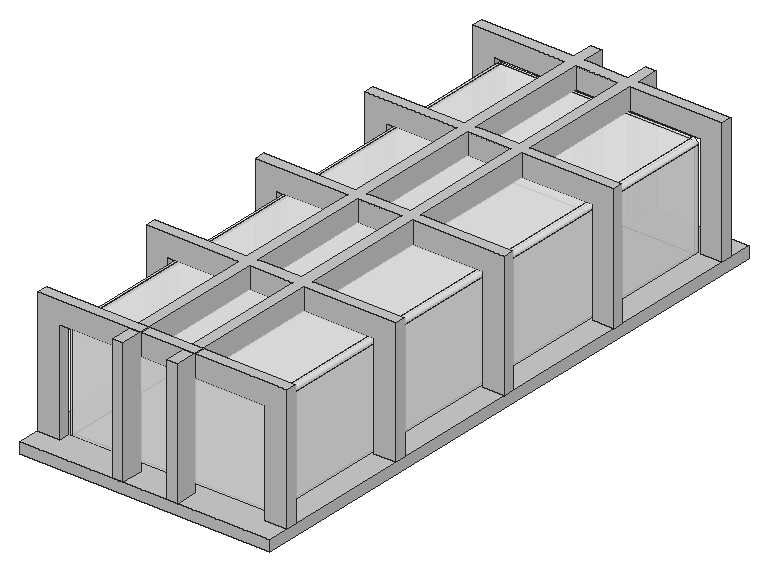
Revit family "2-711-224 Telshor", category Lighting Fixtures, Revit 2014
Parameters
  Wattage = 9.2903 W
  built-in parameter 1150110 = 1 (stored number, unit not read)
  URL = "http://www.oxygenlighting.com"
  Type Comments = "Lighting - Fluorescent"
  built-in parameter 1114217 = 1 (stored number, unit not read)
  Tilt Angle = 60.00°
  built-in parameter 1150109 = 1 (stored number, unit not read)
  built-in parameter 1150134 = 3
  built-in parameter 1150113 = 1 (stored number, unit not read)
  Product Documentation Linkk = "http://oxygenlighting.com.s3.amazonaws.com/downloads/cutsheets/2-710-xxx.pdf"
  Photometric Web File = "generic"
  built-in parameter 1150142 = (empty or 0)
  Model = "2-711-224"
  Metal Finsih = Satin Finish
  Manufacturer = "Oxygen Lighting"
  built-in parameter 1150105 = 109.82 (stored number, unit not read)
  Lumens = 1380 lm
  built-in parameter 1150115 = 1 (stored number, unit not read)
  built-in parameter 1150137 = (empty or 0)
  built-in parameter 1150139 = (empty or 0)
  built-in parameter 1150112 = 1 (stored number, unit not read)
  Lamp Manufacturer = "Sylvania"
  built-in parameter 1150114 = 1 (stored number, unit not read)
  Lamp = "2x26W Double Twin Tube Compact Fluorescent"
  Junction Box = "4\" Octagonal"
  Input Voltage (Volts AC) = "120"
  Input Power Factor (%) = ""
  Input Power (Watts) = "52"
  Input Current (Amps AC) = ""
  built-in parameter 1150132 = (empty or 0)
  built-in parameter 1150102 = (empty or 0)
  built-in parameter 1150107 = 3200 (stored number, unit not read)
  built-in parameter 1150138 = (empty or 0)
  built-in parameter 1150106 = 1.0982 (stored number, unit not read)
  Fixture Width = 0' - 9.00319"
  Fixture Height = 1' - 9.62502"
  Emit from Rectangle Width = 2' - 0"
  Emit from Rectangle Length = 4' - 0"
  Emit Shape Visible in Rendering = no
  Efficacy (lm/W) = ""
  built-in parameter 1150104 = 13.8 (stored number, unit not read)
  Driver Manufacturer = "Fulham"
  Dimming Lamp Color Temperature Shift = <None>
  Diffuser = Matte White Accrylic
  Description = "21.75\" Comtemporary Wall Sconce"
  Default Elevation = 4' - 0"
  Color Filter = 16777215
  built-in parameter 1114218 = 1 (stored number, unit not read)
  built-in parameter 1150133 = 10 (stored number, unit not read)
  Apparent Load = 52 VA
  ADA Compliant = yes
Reference planes (in)
  plane 1 "Light Source Axis (F/B)": y = 0
  plane 2: z = 0
  plane 3 "Light Source Axis (L/R)": x = 0
  plane 4 "Light Source Elevation": z = 3.75
  plane 5: z = 3.75
  plane 6: z = 4.89862
  plane 7: x = -4.5016
  plane 8: x = 4.5016
  plane 9: y = 10.81251
  plane 10: y = -10.81251
Forms (in)
  Extrusion 1, solid, material "Satin Finish" <- "Metal Finsih", not visible
    sketch origin (0, 0, 0) x (0, 1, 0) y (0, 0, 1)
      loop
        line (-8.47884, 1.71875) -> (-8.47884, 0.34375) -> (-7.10384, 0.34375) -> (-7.10384, 1.09375) -> (-8.21875, 1.09375) -> (-8.21875, 1.21875) -> (-7.10384, 1.21875) -> (-7.10384, 1.71875) -> (-8.47884, 1.71875)
    from -0.6875 to 0.6875
  Extrusion 2, solid, material "Satin Finish" <- "Metal Finsih", not visible
    sketch origin (0, 0, 0) x (1, 0, 0) y (0, 1, 0)
      loop
        line (-6.8125, 4.40625) -> (-6.8125, -8.21875) -> (-0.12438, -8.21875) -> (6.8125, -8.21875) -> (6.8125, 4.40625) -> (4.8125, 4.40625) -> (4.8125, -6.34375) -> (-4.8125, -6.34375) -> (-4.8125, 4.40625) -> (-6.8125, 4.40625)
    from 1.125 to 1.1875
  Extrusion 3, solid, material "Matte White Accrylic" <- "Diffuser", not visible
    sketch origin (0, 0, 0) x (1, 0, 0) y (0, 0, 1)
      loop
        line (4.8125, 0) -> (4.9375, 0) -> (4.9375, 3.75) -> (-4.9375, 3.75) -> (-4.9375, 0) -> (-4.8125, 0) -> (-4.8125, 3.625) -> (4.8125, 3.625) -> (4.8125, 0)
    from -6.40625 to 6.34375
  Extrusion 4, solid, not visible
    sketch origin (0, 0, 0) x (1, 0, 0) y (0, 0, 1)
      loop
        line (4.3125, 0.0625) -> (4.3125, 3.0625) -> (-4.3125, 3.0625) -> (-4.3125, 0.0625) -> (4.3125, 0.0625)
      loop
        line (3.9375, 2.6875) -> (-3.9375, 2.6875) -> (-3.9375, 2.5) -> (3.9375, 2.5) -> (3.9375, 2.6875)
      loop
        line (3.9375, 2) -> (-3.9375, 2) -> (-3.9375, 1.8125) -> (3.9375, 1.8125) -> (3.9375, 2)
      loop
        line (3.9375, 1.3125) -> (-3.9375, 1.3125) -> (-3.9375, 1.125) -> (3.9375, 1.125) -> (3.9375, 1.3125)
      loop
        line (3.9375, 0.625) -> (-3.9375, 0.625) -> (-3.9375, 0.4375) -> (3.9375, 0.4375) -> (3.9375, 0.625)
    from -5.59375 to -5.46875
  Extrusion 5, solid, material "Satin Finish" <- "Metal Finsih", not visible
    sketch origin (0, 0, 0) x (0, 1, 0) y (0, 0, 1)
      loop
        line (3.53125, 1.125) -> (2.6612, 1.125) -> (2.6612, 0) -> (3.53125, 0) -> (3.53125, 1.125)
      loop
        line (-4.34375, 1.125) -> (-5.23315, 1.125) -> (-5.23315, 0) -> (-4.34375, 0) -> (-4.34375, 1.125)
    from 4.9375 to 5
  Extrusion 6, solid, material "Satin Finish" <- "Metal Finsih", not visible
    sketch origin (0, 0, 0) x (0, 1, 0) y (0, 0, 1)
      loop
        circle (3.09375, 0.34386) r 0.11795
      loop
        circle (-4.78125, 0.34386) r 0.11795
    from 5 to 5.27859
  Extrusion 7, solid, material "Satin Finish" <- "Metal Finsih", not visible
    sketch origin (0, 0, 0) x (0, 1, 0) y (0, 0, -1)
      loop
        line (3.53125, -1.125) -> (3.53125, 0) -> (2.6612, 0) -> (2.6612, -1.125) -> (3.53125, -1.125)
      loop
        line (-4.34375, -1.125) -> (-4.34375, 0) -> (-5.23315, 0) -> (-5.23315, -1.125) -> (-4.34375, -1.125)
    from 4.9375 to 5
  Extrusion 8, solid, material "Satin Finish" <- "Metal Finsih", not visible
    sketch origin (0, 0, 0) x (0, 1, 0) y (0, 0, -1)
      loop
        circle (3.09375, -0.34386) r 0.11795
      loop
        circle (-4.78125, -0.34386) r 0.11795
    from 5 to 5.27859
  Extrusion 9, solid, material "Satin Finish" <- "Metal Finsih", not visible
    sketch origin (0, 0, 0) x (1, 0, 0) y (0, 0, 1)
      loop
        line (4.71875, 1.125) -> (4.71875, 0.0625) -> (-4.71875, 0.0625) -> (-4.71875, 1.125) -> (-4.78125, 1.125) -> (-4.78125, 0) -> (4.78125, 0) -> (4.78125, 1.125) -> (4.71875, 1.125)
    from -5.53125 to 5.53125
  Extrusion 10, solid, not visible
    sketch origin (0, 0, 0) x (1, 0, 0) y (0, 0, 1)
      loop
        line (4.3125, 0.0625) -> (4.3125, 3.0625) -> (-4.3125, 3.0625) -> (-4.3125, 0.0625) -> (4.3125, 0.0625)
      loop
        line (3.9375, 2.6875) -> (-3.9375, 2.6875) -> (-3.9375, 2.5) -> (3.9375, 2.5) -> (3.9375, 2.6875)
      loop
        line (3.9375, 2) -> (-3.9375, 2) -> (-3.9375, 1.8125) -> (3.9375, 1.8125) -> (3.9375, 2)
      loop
        line (3.9375, 1.3125) -> (-3.9375, 1.3125) -> (-3.9375, 1.125) -> (3.9375, 1.125) -> (3.9375, 1.3125)
      loop
        line (3.9375, 0.625) -> (-3.9375, 0.625) -> (-3.9375, 0.4375) -> (3.9375, 0.4375) -> (3.9375, 0.625)
    from -5.59375 to -5.46875
  Extrusion 11, solid, not visible
    sketch origin (0, 0, 0) x (1, 0, 0) y (0, 0, -1)
      loop
        line (4.3125, -0.0625) -> (-4.3125, -0.0625) -> (-4.3125, -3.0625) -> (4.3125, -3.0625) -> (4.3125, -0.0625)
      loop
        line (3.9375, -2.6875) -> (3.9375, -2.5) -> (-3.9375, -2.5) -> (-3.9375, -2.6875) -> (3.9375, -2.6875)
      loop
        line (3.9375, -2) -> (3.9375, -1.8125) -> (-3.9375, -1.8125) -> (-3.9375, -2) -> (3.9375, -2)
      loop
        line (3.9375, -1.3125) -> (3.9375, -1.125) -> (-3.9375, -1.125) -> (-3.9375, -1.3125) -> (3.9375, -1.3125)
      loop
        line (3.9375, -0.625) -> (3.9375, -0.4375) -> (-3.9375, -0.4375) -> (-3.9375, -0.625) -> (3.9375, -0.625)
    from -5.59375 to -5.46875
  Extrusion 12, solid, material "Satin Finish" <- "Metal Finsih"
    sketch origin (0, 0, 0) x (1, 0, 0) y (0, 0, 1)
      loop
        line (4.5016, 0.39189) -> (4.5016, 4.89862) -> (-4.5016, 4.89862) -> (-4.5016, 0.39189) -> (-3.71523, 0.39189) -> (-3.71523, 4.11484) -> (3.71523, 4.11484) -> (3.71523, 0.39189) -> (4.5016, 0.39189)
    from -10.02615 to -9.63296
  Extrusion 13, solid, material "Satin Finish" <- "Metal Finsih"
    sketch origin (0, -4.82025, 0) x (1, 0, 0) y (0, 0, 1)
      loop
        line (4.5016, 0.39189) -> (4.5016, 4.89862) -> (-4.5016, 4.89862) -> (-4.5016, 0.39189) -> (-3.71523, 0.39189) -> (-3.71523, 4.11484) -> (3.71523, 4.11484) -> (3.71523, 0.39189) -> (4.5016, 0.39189)
    from -9.94067 to -9.57025
  Extrusion 14, solid, material "Satin Finish" <- "Metal Finsih"
    sketch origin (0, -9.64049, 0) x (1, 0, 0) y (0, 0, 1)
      loop
        line (4.5016, 0.39189) -> (4.5016, 4.89862) -> (-4.5016, 4.89862) -> (-4.5016, 0.39189) -> (-3.71523, 0.39189) -> (-3.71523, 4.11484) -> (3.71523, 4.11484) -> (3.71523, 0.39189) -> (4.5016, 0.39189)
    from -9.83709 to -9.4439
  Extrusion 15, solid, material "Satin Finish" <- "Metal Finsih"
    sketch origin (0, -14.46074, 0) x (1, 0, 0) y (0, 0, 1)
      loop
        line (4.5016, 0.39189) -> (4.5016, 4.89862) -> (-4.5016, 4.89862) -> (-4.5016, 0.39189) -> (-3.71523, 0.39189) -> (-3.71523, 4.11484) -> (3.71523, 4.11484) -> (3.71523, 0.39189) -> (4.5016, 0.39189)
    from -9.74255 to -9.34937
  Extrusion 16, solid, material "Satin Finish" <- "Metal Finsih"
    sketch origin (0, 0, 0) x (1, 0, 0) y (0, 1, 0)
      loop
        line (-4.5016, 10.81251) -> (-4.5016, -10.81251) -> (4.5016, -10.81251) -> (4.5016, 10.81251) -> (-4.5016, 10.81251)
    from 0 to 0.39189
  Extrusion 17, solid, material "Satin Finish" <- "Metal Finsih"
    sketch origin (0, 0, 0) x (0, 1, 0) y (0, 0, 1)
      loop
        line (10.81251, 0.39189) -> (10.81251, 4.89862) -> (-10.81251, 4.89862) -> (-10.81251, 0.39189) -> (-10.02615, 0.39189) -> (-10.02615, 4.11485) -> (10.02615, 4.11485) -> (10.02615, 0.39189) -> (10.81251, 0.39189)
    from -1.17567 to -0.78378
  Extrusion 18, solid, material "Satin Finish" <- "Metal Finsih"
    sketch origin (1.95945, 0, 0) x (0, 1, 0) y (0, 0, 1)
      loop
        line (10.81251, 0.39189) -> (10.81251, 4.89862) -> (-10.81251, 4.89862) -> (-10.81251, 0.39189) -> (-10.02615, 0.39189) -> (-10.02615, 4.11485) -> (10.02615, 4.11485) -> (10.02615, 0.39189) -> (10.81251, 0.39189)
    from -1.17567 to -0.78378
  Extrusion 19, solid, material "Matte White Accrylic" <- "Diffuser"
    sketch origin (0, 0, 0) x (1, 0, 0) y (0, 0, 1)
      loop
        arc (3.656, 3.87971) -> (3.5986, 4.01827) -> (3.46005, 4.07566) r 0.19595
        line (3.46005, 4.07566) -> (-3.42904, 4.07566)
        arc (-3.42904, 4.07566) -> (-3.56759, 4.01827) -> (-3.62498, 3.87971) r 0.19594
        line (-3.62498, 3.87971) -> (-3.62498, 0.39189) -> (-3.5466, 0.39189) -> (-3.5466, 3.87971)
        arc (-3.5466, 3.87971) -> (-3.51217, 3.96284) -> (-3.42904, 3.99728) r 0.11757
        line (-3.42904, 3.99728) -> (3.46005, 3.99728)
        arc (3.46005, 3.99728) -> (3.54318, 3.96284) -> (3.57762, 3.87971) r 0.11757
        line (3.57762, 3.87971) -> (3.57762, 0.39189) -> (3.656, 0.39189) -> (3.656, 3.87971)
    from -9.63296 to 9.63296
  Extrusion 20, solid, material "Matte White Accrylic" <- "Diffuser"
    sketch origin (0, 0, 0) x (1, 0, 0) y (0, 0, 1)
      loop
        arc (3.62498, 3.87971) -> (3.56759, 4.01827) -> (3.42904, 4.07566) r 0.19595
        line (3.42904, 4.07566) -> (-3.42904, 4.07566)
        arc (-3.42904, 4.07566) -> (-3.56759, 4.01827) -> (-3.62498, 3.87971) r 0.19594
        line (-3.62498, 3.87971) -> (-3.62498, 0.39189) -> (3.62498, 0.39189) -> (3.62498, 3.87971)
    from 9.52178 to 9.63296
  Extrusion 21, solid, material "Matte White Accrylic" <- "Diffuser"
    sketch origin (0, 14.63709, 0) x (1, 0, 0) y (0, 0, 1)
      loop
        arc (3.62498, 3.87971) -> (3.56759, 4.01827) -> (3.42904, 4.07566) r 0.19595
        line (3.42904, 4.07566) -> (-3.42904, 4.07566)
        arc (-3.42904, 4.07566) -> (-3.56759, 4.01827) -> (-3.62498, 3.87971) r 0.19594
        line (-3.62498, 3.87971) -> (-3.62498, 0.39189) -> (3.62498, 0.39189) -> (3.62498, 3.87971)
    from 5.00413 to 5.13709
  Extrusion 22, solid, material "Satin Finish" <- "Metal Finsih", not visible
    sketch origin (0, 0, 0) x (1, 0, 0) y (0, 0, 1)
      loop
        line (3.62498, 0.39189) -> (3.62498, 4.89862) -> (-3.62498, 4.89862) -> (-3.62498, 0.39189) -> (-2.78242, 0.39189) -> (-2.78242, 4.11484) -> (2.8412, 4.11484) -> (2.8412, 0.39189) -> (3.62498, 0.39189)
    from -7.42632 to -7.03443
  Extrusion 23, solid, material "Satin Finish" <- "Metal Finsih", not visible
    sketch origin (0, -4.82025, 0) x (1, 0, 0) y (0, 0, 1)
      loop
        line (3.62498, 0.39189) -> (3.62498, 4.89862) -> (-3.62498, 4.89862) -> (-3.62498, 0.39189) -> (-2.78242, 0.39189) -> (-2.78242, 4.11484) -> (2.8412, 4.11484) -> (2.8412, 0.39189) -> (3.62498, 0.39189)
    from -7.42632 to -7.03443
  Extrusion 24, solid, material "Satin Finish" <- "Metal Finsih", not visible
    sketch origin (0, -9.64049, 0) x (1, 0, 0) y (0, 0, 1)
      loop
        line (3.62498, 0.39189) -> (3.62498, 4.89862) -> (-3.62498, 4.89862) -> (-3.62498, 0.39189) -> (-2.78242, 0.39189) -> (-2.78242, 4.11484) -> (2.8412, 4.11484) -> (2.8412, 0.39189) -> (3.62498, 0.39189)
    from -7.42632 to -7.03443
  Extrusion 25, solid, material "Satin Finish" <- "Metal Finsih", not visible
    sketch origin (0, -14.46074, 0) x (1, 0, 0) y (0, 0, 1)
      loop
        line (3.62498, 0.39189) -> (3.62498, 4.89862) -> (-3.62498, 4.89862) -> (-3.62498, 0.39189) -> (-2.78242, 0.39189) -> (-2.78242, 4.11484) -> (2.8412, 4.11484) -> (2.8412, 0.39189) -> (3.62498, 0.39189)
    from -7.42632 to -7.03443
  Extrusion 26, solid, material "Satin Finish" <- "Metal Finsih", not visible
    sketch origin (0, 0, 0) x (1, 0, 0) y (0, 1, 0)
      loop
        line (-3.62498, 8.22969) -> (-3.62498, -8.22969) -> (3.62498, -8.22969) -> (3.62498, 8.22969) -> (-3.62498, 8.22969)
    from 0 to 0.39189
  Extrusion 27, solid, material "Satin Finish" <- "Metal Finsih", not visible
    sketch origin (0, 0, 0) x (0, 1, 0) y (0, 0, 1)
      loop
        line (8.22969, 0.39189) -> (8.22969, 4.89862) -> (-8.22969, 4.89862) -> (-8.22969, 0.39189) -> (-7.4851, 0.39189) -> (-7.4851, 4.11485) -> (7.42632, 4.11485) -> (7.42632, 0.39189) -> (8.22969, 0.39189)
    from -1.17567 to -0.78378
  Extrusion 28, solid, material "Satin Finish" <- "Metal Finsih", not visible
    sketch origin (1.95945, 0, 0) x (0, 1, 0) y (0, 0, 1)
      loop
        line (8.22969, 0.39189) -> (8.22969, 4.89862) -> (-8.22969, 4.89862) -> (-8.22969, 0.39189) -> (-7.4851, 0.39189) -> (-7.4851, 4.11485) -> (7.42632, 4.11485) -> (7.42632, 0.39189) -> (8.22969, 0.39189)
    from -1.17567 to -0.78378
  Extrusion 29, solid, material "Matte White Accrylic" <- "Diffuser", not visible
    sketch origin (0, 0, 0) x (1, 0, 0) y (0, 0, 1)
      loop
        arc (2.78242, 3.87971) -> (2.72503, 4.01827) -> (2.58647, 4.07566) r 0.19595
        line (2.58647, 4.07566) -> (-2.58647, 4.07566)
        arc (-2.58647, 4.07566) -> (-2.72503, 4.01827) -> (-2.78242, 3.87971) r 0.19594
        line (-2.78242, 3.87971) -> (-2.78242, 0.39189) -> (-2.70404, 0.39189) -> (-2.70404, 3.87971)
        arc (-2.70404, 3.87971) -> (-2.66961, 3.96284) -> (-2.58647, 3.99728) r 0.11757
        line (-2.58647, 3.99728) -> (2.58647, 3.99728)
        arc (2.58647, 3.99728) -> (2.66961, 3.96284) -> (2.70404, 3.87971) r 0.11757
        line (2.70404, 3.87971) -> (2.70404, 0.39189) -> (2.78242, 0.39189) -> (2.78242, 3.87971)
    from -7.30875 to 7.30875
  Extrusion 30, solid, material "Matte White Accrylic" <- "Diffuser", not visible
    sketch origin (0, 0, 0) x (1, 0, 0) y (0, 0, 1)
      loop
        arc (2.78242, 3.87971) -> (2.72503, 4.01827) -> (2.58647, 4.07566) r 0.19595
        line (2.58647, 4.07566) -> (-2.58647, 4.07566)
        arc (-2.58647, 4.07566) -> (-2.72503, 4.01827) -> (-2.78242, 3.87971) r 0.19594
        line (-2.78242, 3.87971) -> (-2.78242, 0.39189) -> (2.78242, 0.39189) -> (2.78242, 3.87971)
    from 7.24997 to 7.38713
  Extrusion 31, solid, material "Matte White Accrylic" <- "Diffuser", not visible
    sketch origin (0, 14.63709, 0) x (1, 0, 0) y (0, 0, 1)
      loop
        arc (2.78242, 3.87971) -> (2.72503, 4.01827) -> (2.58647, 4.07566) r 0.19595
        line (2.58647, 4.07566) -> (-2.58647, 4.07566)
        arc (-2.58647, 4.07566) -> (-2.72503, 4.01827) -> (-2.78242, 3.87971) r 0.19594
        line (-2.78242, 3.87971) -> (-2.78242, 0.39189) -> (2.78242, 0.39189) -> (2.78242, 3.87971)
    from 7.24997 to 7.38713
  Extrusion 32, solid, material "Satin Finish" <- "Metal Finsih"
    sketch origin (0, -19.37552, 0) x (1, 0, 0) y (0, 0, 1)
      loop
        line (4.5016, 0.39189) -> (4.5016, 4.89862) -> (-4.5016, 4.89862) -> (-4.5016, 0.39189) -> (-3.71523, 0.39189) -> (-3.71523, 4.11484) -> (3.71523, 4.11484) -> (3.71523, 0.39189) -> (4.5016, 0.39189)
    from -9.74255 to -9.34937
Cuts and joins
  joined: Extrusion 12, Extrusion 13, Extrusion 14, Extrusion 15, Extrusion 17, Extrusion 18
Dimensions and locks (in)
  locked: plane 5 to level at 3.75
  level to Extrusion 20 = 0' - 4.07566"
  "Fixture Height": plane 9 to plane 10
  "Fixture Width": plane 7 to plane 8
  aligned and locked: level to plane 2
Automatic sketch dimensions
  Extrusion 12 sketch curve to plane 7 = 0' - 0"
  Extrusion 12 sketch curve to plane 6 = 0' - 0"
  Extrusion 12 sketch curve to plane 8 = 0' - 0"
  Extrusion 12 sketch curve to plane 4 "Light Source Elevation" = 0' - 0.36484"
  plane 7 to Extrusion 12 sketch curve = 0' - 0.78636"
  level to Extrusion 12 sketch curve = 0' - 0.39189"  (x2)
  Extrusion 12 sketch curve to plane 8 = 0' - 0.78636"
  Extrusion 13 sketch curve to plane 7 = 0' - 0"
  Extrusion 13 sketch curve to plane 6 = 0' - 0"
  Extrusion 13 sketch curve to plane 8 = 0' - 0"
  Extrusion 13 sketch curve to plane 4 "Light Source Elevation" = 0' - 0.36484"
  plane 7 to Extrusion 13 sketch curve = 0' - 0.78636"
  level to Extrusion 13 sketch curve = 0' - 0.39189"  (x2)
  Extrusion 13 sketch curve to plane 8 = 0' - 0.78636"
  Extrusion 14 sketch curve to plane 7 = 0' - 0"
  Extrusion 14 sketch curve to plane 6 = 0' - 0"
  Extrusion 14 sketch curve to plane 8 = 0' - 0"
  Extrusion 14 sketch curve to plane 4 "Light Source Elevation" = 0' - 0.36484"
  plane 7 to Extrusion 14 sketch curve = 0' - 0.78636"
  level to Extrusion 14 sketch curve = 0' - 0.39189"  (x2)
  Extrusion 14 sketch curve to plane 8 = 0' - 0.78636"
  Extrusion 15 sketch curve to plane 7 = 0' - 0"
  Extrusion 15 sketch curve to plane 6 = 0' - 0"
  Extrusion 15 sketch curve to plane 8 = 0' - 0"
  Extrusion 15 sketch curve to plane 4 "Light Source Elevation" = 0' - 0.36484"
  plane 7 to Extrusion 15 sketch curve = 0' - 0.78636"
  level to Extrusion 15 sketch curve = 0' - 0.39189"  (x2)
  Extrusion 15 sketch curve to plane 8 = 0' - 0.78636"
  Extrusion 16 sketch curve to plane 7 = 0' - 0"
  Extrusion 16 sketch curve to plane 8 = 0' - 0"
  Extrusion 16 sketch curve to plane 10 = 0' - 0"
  Extrusion 16 sketch curve to plane 9 = 0' - 0"
  Extrusion 17 sketch curve to plane 10 = 0' - 0"
  Extrusion 17 sketch curve to plane 6 = 0' - 0"
  Extrusion 17 sketch curve to plane 9 = 0' - 0"
  level to Extrusion 17 sketch curve = 0' - 0.39189"  (x2)
  Extrusion 17 sketch curve to Extrusion 17 sketch curve = 0' - 0.78636"
  Extrusion 17 sketch curve to plane 4 "Light Source Elevation" = 0' - 0.36485"
  Extrusion 17 sketch curve to plane 9 = 0' - 0.78636"
  Extrusion 18 sketch curve to plane 10 = 0' - 0"
  Extrusion 18 sketch curve to plane 6 = 0' - 0"
  Extrusion 18 sketch curve to plane 9 = 0' - 0"
  level to Extrusion 18 sketch curve = 0' - 0.39189"  (x2)
  Extrusion 18 sketch curve to Extrusion 18 sketch curve = 0' - 0.78636"
  Extrusion 18 sketch curve to plane 4 "Light Source Elevation" = 0' - 0.36485"
  Extrusion 18 sketch curve to plane 9 = 0' - 0.78636"
  Extrusion 19 sketch curve to Extrusion 19 sketch curve = 0' - 0"  (x4)
  Extrusion 19 sketch curve to plane 4 "Light Source Elevation" = 0' - 0.12971"  (x2)
  plane 7 to Extrusion 19 sketch curve = 0' - 0.87661"
  Extrusion 19 sketch curve to Extrusion 19 sketch curve = 0' - 0.07838"
  Extrusion 19 sketch curve to Extrusion 19 sketch curve = 0' - 0.11757"
  Extrusion 19 sketch curve to plane 8 = 0' - 1.04155"
  level to Extrusion 19 sketch curve = 0' - 0.39189"  (x2)
  Extrusion 20 sketch curve to plane 4 "Light Source Elevation" = 0' - 0.12971"  (x2)
  plane 7 to Extrusion 20 sketch curve = 0' - 0.87661"
  Extrusion 20 sketch curve to Extrusion 20 sketch curve = 0' - 0.19594"
  Extrusion 20 sketch curve to plane 8 = 0' - 1.07256"
  level to Extrusion 20 sketch curve = 0' - 0.39189"
  Extrusion 21 sketch curve to plane 4 "Light Source Elevation" = 0' - 0.12971"  (x2)
  plane 7 to Extrusion 21 sketch curve = 0' - 0.87661"
  Extrusion 21 sketch curve to Extrusion 21 sketch curve = 0' - 0.19594"
  Extrusion 21 sketch curve to plane 8 = 0' - 1.07256"
  level to Extrusion 21 sketch curve = 0' - 0.39189"
  Extrusion 32 sketch curve to plane 7 = 0' - 0"
  Extrusion 32 sketch curve to plane 6 = 0' - 0"
  Extrusion 32 sketch curve to plane 8 = 0' - 0"
  Extrusion 32 sketch curve to plane 4 "Light Source Elevation" = 0' - 0.36484"
  plane 7 to Extrusion 32 sketch curve = 0' - 0.78636"
  level to Extrusion 32 sketch curve = 0' - 0.39189"  (x2)
  Extrusion 32 sketch curve to plane 8 = 0' - 0.78636"
  Extrusion 22 sketch curve to Extrusion 22 sketch curve = 0' - 0.84256"
  Extrusion 22 sketch curve to Extrusion 22 sketch curve = 0' - 5.62362"
  Extrusion 22 sketch curve to Extrusion 22 sketch curve = 0' - 0.78378"  (x2)
  Extrusion 22 sketch curve to Extrusion 22 sketch curve = 0' - 0"
  Extrusion 22 sketch curve to Extrusion 22 sketch curve = 0' - 3.72295"
  Extrusion 23 sketch curve to Extrusion 23 sketch curve = 0' - 0.84256"
  Extrusion 23 sketch curve to Extrusion 23 sketch curve = 0' - 5.62362"
  Extrusion 23 sketch curve to Extrusion 23 sketch curve = 0' - 0.78378"  (x2)
  Extrusion 23 sketch curve to Extrusion 23 sketch curve = 0' - 0"
  Extrusion 23 sketch curve to Extrusion 23 sketch curve = 0' - 3.72295"
  Extrusion 24 sketch curve to Extrusion 24 sketch curve = 0' - 0.84256"
  Extrusion 24 sketch curve to Extrusion 24 sketch curve = 0' - 5.62362"
  Extrusion 24 sketch curve to Extrusion 24 sketch curve = 0' - 0.78378"  (x2)
  Extrusion 24 sketch curve to Extrusion 24 sketch curve = 0' - 0"
  Extrusion 24 sketch curve to Extrusion 24 sketch curve = 0' - 3.72295"
  Extrusion 25 sketch curve to Extrusion 25 sketch curve = 0' - 0.84256"
  Extrusion 25 sketch curve to Extrusion 25 sketch curve = 0' - 5.62362"
  Extrusion 25 sketch curve to Extrusion 25 sketch curve = 0' - 0.78378"  (x2)
  Extrusion 25 sketch curve to Extrusion 25 sketch curve = 0' - 0"
  Extrusion 25 sketch curve to Extrusion 25 sketch curve = 0' - 3.72295"
  Extrusion 26 sketch curve to Extrusion 26 sketch curve = 0' - 7.24996"
  Extrusion 26 sketch curve to Extrusion 26 sketch curve = 1' - 4.45938"
  Extrusion 27 sketch curve to Extrusion 27 sketch curve = 0' - 0.74459"
  Extrusion 27 sketch curve to Extrusion 27 sketch curve = 1' - 2.91141"
  Extrusion 27 sketch curve to Extrusion 27 sketch curve = 0' - 0.80337"
  Extrusion 27 sketch curve to Extrusion 27 sketch curve = 0' - 0"
  Extrusion 27 sketch curve to Extrusion 27 sketch curve = 0' - 3.72296"
  Extrusion 27 sketch curve to Extrusion 27 sketch curve = 0' - 0.78378"
  Extrusion 28 sketch curve to Extrusion 28 sketch curve = 0' - 0.74459"
  Extrusion 28 sketch curve to Extrusion 28 sketch curve = 1' - 2.91141"
  Extrusion 28 sketch curve to Extrusion 28 sketch curve = 0' - 0.80337"
  Extrusion 28 sketch curve to Extrusion 28 sketch curve = 0' - 0"
  Extrusion 28 sketch curve to Extrusion 28 sketch curve = 0' - 3.72296"
  Extrusion 28 sketch curve to Extrusion 28 sketch curve = 0' - 0.78378"
  Extrusion 29 sketch curve to Extrusion 29 sketch curve = 0' - 0"  (x5)
  Extrusion 29 sketch curve to Extrusion 29 sketch curve = 0' - 0.07838"
  Extrusion 29 sketch curve to Extrusion 29 sketch curve = 0' - 0.11757"  (x2)
  Extrusion 29 sketch curve to Extrusion 29 sketch curve = 0' - 5.17295"
  Extrusion 29 sketch curve to Extrusion 29 sketch curve = 0' - 3.48782"
  Extrusion 30 sketch curve to Extrusion 30 sketch curve = 0' - 0.19594"  (x2)
  Extrusion 30 sketch curve to Extrusion 30 sketch curve = 0' - 5.17295"
  Extrusion 30 sketch curve to Extrusion 30 sketch curve = 0' - 3.48782"
  Extrusion 31 sketch curve to Extrusion 31 sketch curve = 0' - 0.19594"  (x2)
  Extrusion 31 sketch curve to Extrusion 31 sketch curve = 0' - 5.17295"
  Extrusion 31 sketch curve to Extrusion 31 sketch curve = 0' - 3.48782"
  Extrusion 1 sketch curve to Extrusion 1 sketch curve = 0' - 0.26009"
  Extrusion 1 sketch curve to Extrusion 1 sketch curve = 0' - 1.11491"
  Extrusion 1 sketch curve to Extrusion 1 sketch curve = 0' - 0"
  Extrusion 1 sketch curve to Extrusion 1 sketch curve = 0' - 0 3/4"
  Extrusion 1 sketch curve to Extrusion 1 sketch curve = 0' - 0 1/8"
  Extrusion 1 sketch curve to Extrusion 1 sketch curve = 0' - 0 1/2"
  Extrusion 2 sketch curve to Extrusion 2 sketch curve = 0' - 2"  (x2)
  Extrusion 2 sketch curve to Extrusion 2 sketch curve = 0' - 4.68812"
  Extrusion 2 sketch curve to Extrusion 2 sketch curve = 0' - 4.93688"
  Extrusion 2 sketch curve to Extrusion 2 sketch curve = 0' - 1 7/8"
  Extrusion 2 sketch curve to Extrusion 2 sketch curve = 0' - 10 3/4"  (x2)
  Extrusion 3 sketch curve to Extrusion 3 sketch curve = 0' - 0 1/8"  (x3)
  Extrusion 3 sketch curve to Extrusion 3 sketch curve = 0' - 9 5/8"
  Extrusion 3 sketch curve to Extrusion 3 sketch curve = 0' - 0"
  Extrusion 3 sketch curve to Extrusion 3 sketch curve = 0' - 3 5/8"
  Extrusion 4 sketch curve to Extrusion 4 sketch curve = 0' - 0 3/8"  (x5)
  Extrusion 4 sketch curve to Extrusion 4 sketch curve = 0' - 0"  (x5)
  Extrusion 4 sketch curve to Extrusion 4 sketch curve = 0' - 7 7/8"
  Extrusion 4 sketch curve to Extrusion 4 sketch curve = 0' - 0 3/16"  (x4)
  Extrusion 4 sketch curve to Extrusion 4 sketch curve = 0' - 0 1/2"  (x3)
  Extrusion 5 sketch curve to Extrusion 5 sketch curve = 0' - 0.8894"
  Extrusion 5 sketch curve to Extrusion 5 sketch curve = 0' - 7.00495"
  Extrusion 5 sketch curve to Extrusion 5 sketch curve = 0' - 0.87005"
  Extrusion 5 sketch curve to Extrusion 5 sketch curve = 0' - 0"
  Extrusion 5 sketch curve to Extrusion 5 sketch curve = 0' - 1 1/8"  (x2)
  Extrusion 6 sketch curve to Extrusion 6 sketch curve = 0' - 7 7/8"
  Extrusion 6 sketch curve to Extrusion 6 sketch curve = 0' - 0"
  Extrusion 7 sketch curve to Extrusion 7 sketch curve = 0' - 0.8894"
  Extrusion 7 sketch curve to Extrusion 7 sketch curve = 0' - 7.00495"
  Extrusion 7 sketch curve to Extrusion 7 sketch curve = 0' - 0.87005"
  Extrusion 7 sketch curve to Extrusion 7 sketch curve = 0' - 0"
  Extrusion 7 sketch curve to Extrusion 7 sketch curve = 0' - 1 1/8"  (x2)
  Extrusion 8 sketch curve to Extrusion 8 sketch curve = 0' - 7 7/8"
  Extrusion 8 sketch curve to Extrusion 8 sketch curve = 0' - 0"
  Extrusion 9 sketch curve to Extrusion 9 sketch curve = 0' - 0 1/16"  (x3)
  Extrusion 9 sketch curve to Extrusion 9 sketch curve = 0' - 9 7/16"
  Extrusion 9 sketch curve to Extrusion 9 sketch curve = 0' - 1 1/16"  (x2)
  Extrusion 10 sketch curve to Extrusion 10 sketch curve = 0' - 0 3/8"  (x5)
  Extrusion 10 sketch curve to Extrusion 10 sketch curve = 0' - 0"  (x5)
  Extrusion 10 sketch curve to Extrusion 10 sketch curve = 0' - 7 7/8"
  Extrusion 10 sketch curve to Extrusion 10 sketch curve = 0' - 0 3/16"  (x4)
  Extrusion 10 sketch curve to Extrusion 10 sketch curve = 0' - 0 1/2"  (x3)
  Extrusion 11 sketch curve to Extrusion 11 sketch curve = 0' - 0 3/8"  (x5)
  Extrusion 11 sketch curve to Extrusion 11 sketch curve = 0' - 0"  (x5)
  Extrusion 11 sketch curve to Extrusion 11 sketch curve = 0' - 7 7/8"
  Extrusion 11 sketch curve to Extrusion 11 sketch curve = 0' - 0 3/16"  (x4)
  Extrusion 11 sketch curve to Extrusion 11 sketch curve = 0' - 0 1/2"  (x3)
  radius of Extrusion 6 sketch curve = 0' - 0.11795"  (x2)
  radius of Extrusion 8 sketch curve = 0' - 0.11795"  (x2)
